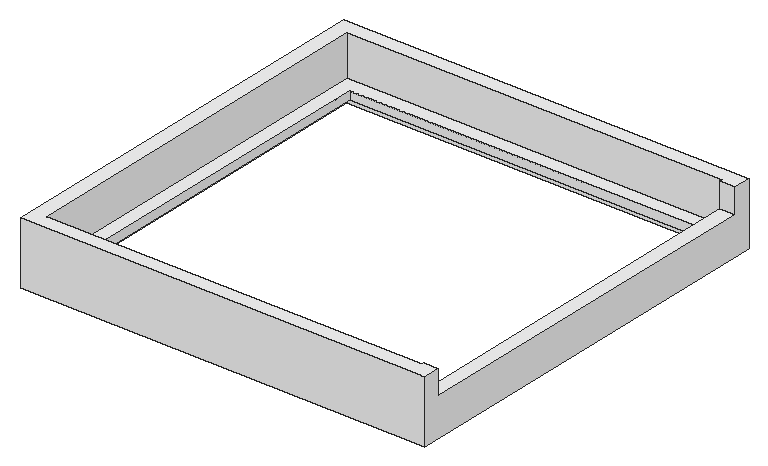
Revit family "Gira_028226", category Electrical Fixtures, host Face, Revit 2017
Family settings
  Host = Face
  Maintain Annotation Orientation = No
  Round Connector Dimension = Use Diameter
  Part Type = Normal
  Cut with Voids When Loaded = No
  Shared = No
  Room Calculation Point = No
Parameters (values of type "Adapterrahmen quadr. 50 x 50 mm System 55 F Alu")
  URL = "http://katalog.gira.de/de_DE/datenblatt.html?artikelnr=028226"
  Region = "DE"
  Name = "Adapterrahmen quadr. 50 x 50 mm System 55 F Alu"
  Mit Textfeld = "No"
  Mit Klappdeckel = "No"
  Manufacturer URL = "https://www.gira.de/"
  Keynote = "Sys55_Adapterrahmen_50x50"
  HeinzeBIM = "https://bimportal.heinze.de/bim/adapterrahmen-quadr-50-x-50-mm-system-55-f-alu/1cccd7fc51f653a589a4cc2fa6c5a635d28b09a5"
  HAN = "028226"
  GTIN = "4010337282266"
  Farbe = "aluminium"
  Default Elevation = 1219.2 mm
  Data sheet (1) = "https://katalog.gira.de/de_DE/download.html?artikelnr=028226"
  Category = "Übergangsadapter für Installationsschalterprogramme"
  Available = "Yes"
  Abschließbar = "No"
  Abmessungen = "quadratisch 50 mm / quadratisch 50 mm"
Reference planes
  plane 1 "Center (Front/Back)": y = 0
  plane 2: z = 0
  plane 3 "Center (Left/Right)": x = 0
  plane 4: y = 27.7
  plane 5: y = -27.7
  plane 6: x = 27.7
  plane 7: x = -27.7
  plane 8: y = -25.4
  plane 9: y = 25.4
Forms (mm)
  Extrusion 1, solid, material "White", detail levels fine
    sketch origin (0, 0, 0) x (1, 0, 0) y (0, 1, 0)
      loop
        line (-27.7, 27.7) -> (-27.7, -27.7) -> (27.7, -27.7) -> (27.7, 27.7) -> (-27.7, 27.7)
      loop
        line (-25.7, 25.7) -> (-25.7, -25.7) -> (25.7, -25.7) -> (25.7, 25.7) -> (-25.7, 25.7)
    from 0 to 8.6
  Extrusion 2, solid, material "White", detail levels fine
    sketch origin (0, 0, 0) x (1, 0, 0) y (0, 1, 0)
      loop
        line (-25.7, 25.7) -> (-25.7, -25.7) -> (25.7, -25.7) -> (25.7, 25.7) -> (-25.7, 25.7)
      loop
        line (-23.7, 23.7) -> (-23.7, -23.7) -> (23.7, -23.7) -> (23.7, 23.7) -> (-23.7, 23.7)
    from 1.9 to 3.1
  Extrusion 3, void, detail levels fine
    sketch origin (0, 0, 0) x (1, 0, 0) y (0, 1, 0)
      loop
        line (27.7, 25.4) -> (25.7, 25.4) -> (25.7, -25.4) -> (27.7, -25.4) -> (27.7, 25.4)
    from 5.2 to 10
  Extrusion 4, solid, material "White", detail levels coarse+medium
    sketch origin (0, 0, 0) x (1, 0, 0) y (0, 1, 0)
      loop
        line (-27.7, 27.7) -> (-27.7, -27.7) -> (27.7, -27.7) -> (27.7, 27.7) -> (-27.7, 27.7)
    from 0 to 8.6
Cuts and joins
  Extrusion 3 cuts Extrusion 1
  Extrusion 3 cuts Extrusion 2
Dimensions and locks
  aligned and locked: plane 2 to host face
  aligned and locked: level to host face
